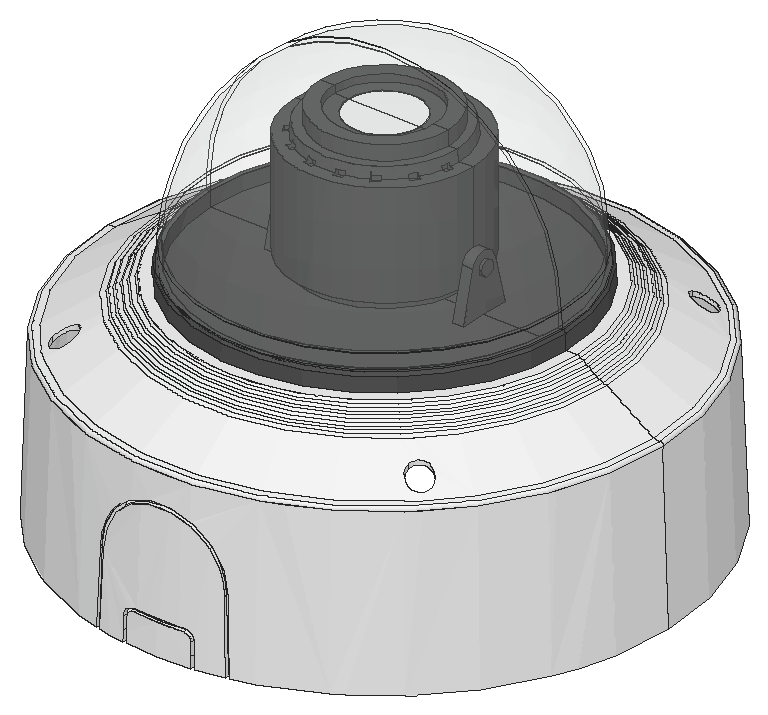
Revit family "Camera-Security-HanwhaTechwin-Dome-Wisenet X-XND-C8083RV_inch", category Security Devices, host Face, Revit 2016
Family settings
  Host = Face
  Maintain Annotation Orientation = Yes
  Part Type = Normal
  Round Connector Dimension = Use Diameter
  OmniClass Number = 23.85.30.17.14
  OmniClass Title = Video Surveillance
  Cut with Voids When Loaded = No
  Shared = No
  Room Calculation Point = No
Parameters (values of type "Standard")
  zz Length 3 [instance] = if(1 = 1, View Distance + 1.531", View Distance + 1.531")  # 37.51525"
  zz Length 2 [instance] = tan(Field of View Horizontal / 2) * View Distance  # 53.4494"
  zz Length 1 [instance] = tan(Field of View Vertical / 2) * View Distance  # 19.9464"
  zz Angle 4 [instance] = if(1 = 1, Camera Shield Rotation, Camera Shield Rotation)  # 0.00°
  zz Angle 3 [instance] = Camera Tilt + 90.00°  # 90.00°
  zz Angle 2 [instance] = 90.00° - Camera Shield Rotation  # 90.00°
  zz Angle 1 [instance] = if(1 = 1, Camera Base Rotation + 270.00°, Camera Base Rotation + 270.00°)  # 270.00°
  Wide Dynamic Range [instance] = "extremeWDR (120dB)"  # constant formula
  White Balance [instance] = "ATW / Narrow ATW / AWC / Manual / Indoor / Outdoor"  # constant formula
  Webpage Language [instance] = "English, Korean, Chinese, French, Italian, Spanish, German, Japanese, Russian, Swedish,, Portuguese, Czech, Polish, Turkish, Dutch, Greek, Hungarian"  # constant formula
  WarrantyStartDate [instance] = "1900-12-31T23:59:59"
  WarrantyGuarantorParts [instance] = ""
  WarrantyGuarantorLabor [instance] = ""
  WarrantyDurationUnit [instance] = "year"
  WarrantyDurationParts [instance] = ""
  WarrantyDurationLabor [instance] = ""
  WarrantyDescription [instance] = ""
  Voltage [instance] = 12 V
  View Distance [instance] = 35.98425"
  Video out [instance] = "USB: Micro USB Type B, 1280x720 for installation"  # constant formula
  Video Rotation [instance] = "Flip, Mirror, Hallway view(90°/270°)"  # constant formula
  Video Compression [instance] = "H.265/H.264: Main/High, MJPEG"  # constant formula
  Version [instance] = "1"
  Unit Conversion [instance] = 39.37008"
  Uniclass2 [instance] = "Pr_60_75_75_86_86"
  URL = "https://www.hanwha-security.com"
  TagNumber [instance] = ""
  SustainabilityPerformance [instance] = ""
  Streaming [instance] = "Unicast(20 users) / Multicast\nMultiple streaming(Up to 10 profiles, 3 virtual channel support)"  # constant formula
  Storage Temperature . Humidity [instance] = "-50°C ~ +60°C(-58°F ~ +140°F) / Less than 90% RH"  # constant formula
  Smart Codec [instance] = "Manual(5ea area), WiseStreamⅡ, WiseStreamⅢ(Based on AI engine)"  # constant formula
  Size [instance] = "Ø6.30\" x 4.65\"(Ø160 x 118mm)"
  Shape [instance] = "Dome"
  SerialNumber [instance] = ""
  Security [instance] = "HTTPS(SSL) Login Authentication Digest Login Authentication\nIP Address Filtering User access log\n802.1X Authentication(EAP-TLS, EAP-LEAP, EAP-PEAP MSCHAPv2)\nDevice Certificate(Hanwha Techwin Root CA, pre-installed) Secure by default certificate\nHTPM (Hanwha Trusted platform module) Secure OS/Boot/Storage, Verify firmware forgery\nCyberSecurity assuarance program UL CAP (UL 2900-1)"  # constant formula
  Revision [instance] = ""
  Resolution [instance] = "3328x1872, 3072x1728, 2592x1944, 2688x1520, 1920x1080, 1600x1200, 1280x1024,\n1280x960, 1280x720, 1024x768, 800x600, 800x448, 720x576, 720x480, 640x480,\n640x360, 320x240"  # constant formula
  ReplacementCost [instance] = ""
  Recognize .125PPM 38PPF. [instance] = "Wide: 9.0m(29.4ft) / Tele: 30.3m(99.26ft)"  # constant formula
  RAL Code [instance] = "RAL9003"  # constant formula
  Protocol [instance] = "IPv4, IPv6, TCP/IP, UDP/IP, RTP(UDP), RTP(TCP), RTCP,RTSP, NTP, HTTP, HTTPS, SSL/TLS, DHCP, FTP, SMTP,\nICMP, IGMP, SNMPv1/v2c/v3(MIB-2), ARP, DNS, DDNS, QoS, UPnP, Bonjour, LLDP, SRTP\n(TCP, UDP Unicast)"  # constant formula
  ProductInformation [instance] = ""
  Product dimensions . weight [instance] = "Ø160x118mm(Ø6.30x4.65.), 1350g(2.98 lb)"  # constant formula
  Product Page URL = "https://www.hanwha-security.com/en/products/camera/network/dome/XND-C8083RV/overview/"
  Product Material = Aluminum - HanwhaTechwin - White
  Product Documentation Link = "https://www.hanwha-security.com/en/products/camera/network/dome/XND-C8083RV/download/"
  Privacy Masking [instance] = "32ea, Quadrangle zones\n- Color : Gray, Green, Red, Blue, Black, White\n- Mosaic"  # constant formula
  Power Consumption [instance] = "PoE: Max 12.95W, typical 11.2W 12VDC: Max 13.2W, typical 10.8W"  # constant formula
  Pan. Tilt. Rotate Range [instance] = "0°~360° / -45°~75° / 0°~355°"  # constant formula
  Operating Temperature . Humidity [instance] = "-10 °C ~ 50 °C(14°F ~ +122°F)\n* Maximum temperature : +55°C (intermittent) 0~95% RH(non-condensing)\nHumidity control /w GORE vent"  # constant formula
  Observe .63PPM 19PPF. [instance] = "Wide: 17.9m(58.81ft) / Tele: 60.5m(198.52ft)"  # constant formula
  NominalWidth [instance] = "Ø6.30\" (Ø160mm)"
  NominalLength [instance] = "Ø6.30\" (Ø160mm)"
  NominalHeight [instance] = "4.65\" (118mm)"
  Name [instance] = "XND-C8083RV"
  NBSTypeID [instance] = ""
  NBSReference [instance] = ""
  NBSOfficeMasterTag [instance] = ""
  NBSNote [instance] = ""
  NBSDescription [instance] = ""
  NBSCertification [instance] = ""
  Motion Detection [instance] = "8ea, 8point Polygonal zones"  # constant formula
  ModelReference [instance] = "Hanwha Techwin"
  ModelNumber [instance] = "XND-C8083RV"
  Model = "XND-C8083RV"  # constant formula
  Min. Object Distance [instance] = "0.5m(1.64ft)"  # constant formula
  Min. Illumination [instance] = "Color: 0.04Lux(F1.3, 1/30sec, 30IRE)\nB/W : 0.004Lux(F1.3, 1/30sec, 30IRE), 0Lux(IR LED on)"  # constant formula
  Memory [instance] = "4GB RAM, 512MB Flash"  # constant formula
  Max. Framerate [instance] = "H.265/H.264: Max. 30fps/25fps(60Hz/50Hz) MJPEG: Max. 15fps/12fps(60Hz/50Hz)"  # constant formula
  Max. Aperture Ratio [instance] = "F1.3(Wide) ~ F2.15(Tele)"  # constant formula
  Max Resolution [instance] = 3328
  Material [instance] = "Aluminum"
  ManufacturerURL [instance] = "https://www.hanwha-security.com"
  ManufacturerName [instance] = "HanwhaTechwin"
  Manufacturer = "Hanwha Techwin"  # constant formula
  Lens Type [instance] = "P-iris(IR corrected)"  # constant formula
  LDC [instance] = "Support (Fill/stretch mode)"  # constant formula
  InstallationDate [instance] = "1900-12-31T23:59:59"
  Input Voltage. Current [instance] = "PoE(IEEE802.3af, Class3), 12VDC"  # constant formula
  Imaging Device [instance] = "1/1.8. progressive CMOS"  # constant formula
  Identify .250PPM 76PPF. [instance] = "Wide: 4.5m(14.7ft) / Tele: 15.1m(49.63ft)"  # constant formula
  IR Viewable Length [instance] = "WiseIR 40m(131.23ft)"  # constant formula
  Grade [instance] = ""
  Gain Control [instance] = "Support"  # constant formula
  Focus Control [instance] = "Simple focus, Manual"  # constant formula
  Focal Length Actual [instance] = if(Focal Length > 0.36614", 0.36614", if(Focal Length < 0.17323", 0.17323", Focal Length))  # 0.17323"
  Focal Length .Zoom Ratio. [instance] = "4.4~9.3mm(2.1x) motorized varifocal"  # constant formula
  Focal Length [instance] = 0.17323"
  FoV Hide Check [instance] = FoV Hide Check
  FoV Cross Check [instance] = FoV Cross Check
  Finish [instance] = ""
  Field of View_Recognize [instance] = Field of View_Recognize
  Field of View_Observe [instance] = Field of View_Observe
  Field of View_Identify [instance] = Field of View_Identify
  Field of View_Detect [instance] = Field of View_Detect
  Field of View is Visible_DORI [instance] = no
  Field of View is Visible [instance] = no
  Field of View Vertical [instance] = 58.00° + (26.60° - 58.00°) / (0.36614" - 0.17323") * (Focal Length Actual - 0.17323")  # 58.00°
  Field of View Horizontal [instance] = 112.10° + (47.50° - 112.10°) / (0.36614" - 0.17323") * (Focal Length Actual - 0.17323")  # 112.10°
  Field of View Diagonal [instance] = 137.50° + (54.60° - 137.50°) / (0.36614" - 0.17323") * (Focal Length Actual - 0.17323")  # 137.50°
  Field of View [instance] = Field of View
  Features [instance] = "• 6MP resolution\r\n• 4.4~9.3mm (2.1x) motorized varifocal\r\n• Color: 0.04 Lux (F1.3, 1/30sec, 30IRE), 0 Lux (IR LED on)\r\n• Maximum 30 fps (H.265/H.264)\r\n• WiseIR: IR viewable length 40m (131.23 ft)\r\n• Day & Night (ICR), extremeWDR (120 dB)\r\n• Hard-coated dome bubble\r\n• WiseNRⅡ(Based on AI engine), WiseStreamⅢ (Based on AI engine)\r\n• DIS with built-in Gyro sensor\r\n• Analytics events based on AI engine (NPU) : Object detection (Person/Face/Vehicle - car, truck, bus, bicycle, motorcycle/License plate),\r\nIVA (Virtual line/Area, Enter/Exit, Loitering, Direction, Intrusion)\r\n• Analytics events : Defocus detection, Motion detection, Tampering, Fog detection\r\nAudio detection, Sound classification, Shock detection, Appear/Disappear\r\n• IP52, IK08"
  ExpectedLife [instance] = ""
  Ethernet [instance] = "Metal shielded RJ-45(10/100BASE-T)"  # constant formula
  Electronic Shutter Speed [instance] = "Minimum / Maximum / Anti flicker (2~1/12,000sec) prefer shutter control(Based on AI engine)"  # constant formula
  Edge Storage [instance] = "Micro SD/SDHC/SDXC 1slot 512GB"  # constant formula
  DurationUnit [instance] = "year"
  Distance Recognize [instance] = 1 / 2 * (Max Resolution / 125) / tan(Field of View Horizontal / 2) * Unit Conversion  # 352.84115"
  Distance Observe [instance] = 1 / 2 * (Max Resolution / 62.5) / tan(Field of View Horizontal / 2) * Unit Conversion  # 705.6823"
  Distance Identify [instance] = 1 / 2 * (Max Resolution / 250) / tan(Field of View Horizontal / 2) * Unit Conversion  # 176.42057"
  Distance Detect [instance] = 1 / 2 * (Max Resolution / 25) / tan(Field of View Horizontal / 2) * Unit Conversion  # 1764.20574"
  Digital Noise Reduction [instance] = "WiseNRⅡ(Based on AI engine), SSNRⅤ"  # constant formula
  Digital Image Stabilization  [instance] = "Support(built-in gyro sensor)"  # constant formula
  Detect .25PPM 8PPF. [instance] = "Wide: 44.8m(147.02ft) / Tele: 151.3m(496.29ft)"  # constant formula
  Description = "NBS standard template for generic face-based components"  # constant formula
  Defog [instance] = "Support"  # constant formula
  Default Elevation = 48"
  Day and Night [instance] = "Auto(ICR)"  # constant formula
  Constituents [instance] = ""
  Color [instance] = "White"
  CodePerformance [instance] = ""
  Certification [instance] = "IP52, IK08"  # constant formula
  Category [instance] = "6MP AI IR Dome Camera"
  Camera Title [instance] = "Displayed up to 85 characters"  # constant formula
  Camera Tilt Desired [instance] = 0.00°
  Camera Tilt [instance] = if(Camera Tilt Desired > 75.00°, 75.00°, if(Camera Tilt Desired < -45.00°, -45.00°, Camera Tilt Desired))  # 0.00°
  Camera Shield Rotation Desired [instance] = 0.00°
  Camera Shield Rotation [instance] = if(Camera Shield Rotation Desired > 355.00°, 355.00°, if(Camera Shield Rotation Desired < 0.00°, 0.00°, Camera Shield Rotation Desired))  # 0.00°
  Camera Base Rotation Desired [instance] = 0.00°
  Camera Base Rotation [instance] = if(Camera Base Rotation Desired > 360.00°, 360.00°, if(Camera Base Rotation Desired < 0.00°, 0.00°, Camera Base Rotation Desired))  # 0.00°
  Business Intelligence [instance] = "Based on AI engine : People counting, Queue management, Heatmap"  # constant formula
  Bitrate Control [instance] = "H.264/H.265: CBR or VBR MJPEG: VBR"  # constant formula
  Base Vertical Length [instance] = 0.19685"
  Base Horizontal Length [instance] = 0.19685"
  BarCode [instance] = ""
  Backlight Compensation [instance] = "BLC, HLC, WDR, SSDR"  # constant formula
  Author [instance] = ""
  Audio out [instance] = "Line out, Max.output level: 1Vrms"  # constant formula
  Audio In [instance] = "Selectable(mic in/line in)\nSupply voltage: 2.5VDC(4mA), Input impedance: 2K Ohm"  # constant formula
  Audio Compression [instance] = "G.711 u-law /G.726 Selectable G.726(ADPCM) 8KHz, G.711 8KHz\nG.726: 16Kbps, 24Kbps, 32Kbps, 40Kbps AAC-LC: 48Kbps at 16KHz"  # constant formula
  AssetType [instance] = "Fixed"
  AssetIdentifier [instance] = ""
  Application Programming Interface [instance] = "ONVIF Profile S/G/T SUNAPI(HTTP API)\nWisenet open platform"  # constant formula
  Angular Field of View [instance] = "H : 112.1°(Wide)~47.5°(Tele) V : 58.0°(Wide)~26.6°(Tele) D : 137.5°(Wide)~54.6°(Tele)"  # constant formula
  Analytics [instance] = "- Analytics events based on AI engine : Object detection (Person/Face/Vehicle(car/bus/truck/motorcycle/bicycle)/License plate), IVA (Virtual line/Area, Enter/Exit, Loitering, direction, Appear/Disappear, intrusion)\n- Analytics events : Defocus detection, Motion detection, Tampering, Fog detection, Audio detection, Sound classification, Shock detection"  # constant formula
  Alarm Triggers [instance] = "Analytics, Network disconnect, Alarm input, App event, Time schedule"  # constant formula
  Alarm I.O [instance] = "2 configurable I/O ports"  # constant formula
  Alarm Events [instance] = "When alarm trigger occurred\n- File upload(image) : e-mail/FTP\n- Notification : e-mail\n- Recording : SD/SDHC/SDXC or NAS recording at event triggers\n- Alarm output\n- Handover(PTZ preset, Send message by HTTP/HTTPS/TCP)\n- Audio clip playback"  # constant formula
  AccessibilityPerformance [instance] = ""
Reference planes (in)
  plane 1 "Center (Front/Back)": y = 0
  plane 2: z = 0
  plane 3 "Center (Left/Right)": x = 0
  plane 4: z = 0
  plane 5 "A": z = 2.87402
  plane 6: x = -3.14961
  plane 7: x = 3.14961
  plane 8: z = 4.64567
  plane 9: x = -1.9685
  plane 10: x = 1.9685
  plane 11: z = 2.3622
  plane 12: y = 0.98425
  plane 13: z = 4.09449
  plane 14: z = 2.87402
  plane 15: z = 4.01575
  plane 16: y = 3.14961
  plane 17: y = -3.14961
  plane 18: y = 1.9685
  plane 19: y = -1.9685
  plane 20: z = 2.55906
  plane 21: z = 1.83685
Forms (in)
  Revolve 1, solid, material "Aluminum - HanwhaTechwin - White" <- "Product Material", detail levels fine
    sketch origin (0, 0, 0) x (1, 0, 0) y (0, 0, 1)
      loop
        line (-2.46194, 2.16457) -> (-2.9874, 1.83685) -> (-3.05427, 1.82486)
        arc (-3.05427, 1.82486) -> (-3.07742, 1.812) -> (-3.08719, 1.78739) r 0.03937
        line (-3.08719, 1.78739) -> (-3.14961, 0) -> (0, 0) -> (0, 0.03937) -> (-3.10884, 0.03937) -> (-3.04784, 1.78602) -> (-2.97299, 1.79944) -> (-2.13379, 2.32283) -> (-1.97403, 2.32283) -> (-1.97403, 2.3622) -> (-2.13999, 2.3622) -> (-2.16583, 2.33953) -> (-2.20265, 2.32375) -> (-2.22929, 2.29992) -> (-2.26309, 2.28544) -> (-2.28782, 2.26394) -> (-2.33012, 2.24454) -> (-2.3562, 2.22071) -> (-2.38968, 2.20762) -> (-2.41473, 2.18473) -> (-2.46194, 2.16457)
      axis (0, 2.3622) -> (0, 0)
    angle from 0 to 360
  Extrusion 2, void, detail levels fine
    sketch origin (0, 0, 0) x (1, 0, 0) y (0, 0, 1)
      loop
        line (-0.70866, 0.7874) -> (-0.73616, 0) -> (-0.69676, 0) -> (-0.66929, 0.78659)
        arc (-0.66929, 0.78659) -> (-0.00027, 1.45642) -> (0.66929, 0.78713) r 0.66929
        line (0.66929, 0.78713) -> (0.69676, 0) -> (0.73616, 0) -> (0.70866, 0.7874)
        arc (0.70866, 0.7874) -> (0, 1.49606) -> (-0.70866, 0.7874) r 0.70866
      loop
        line (-0.39301, 0.11811) -> (-0.39371, 0) -> (-0.35434, 0) -> (-0.35364, 0.11799) -> (-0.35364, 0.25591)
        arc (-0.35364, 0.25591) -> (-0.33078, 0.3111) -> (-0.27559, 0.33396) r 0.07805
        line (-0.27559, 0.33396) -> (0.01665, 0.33396) -> (0.27559, 0.33396)
        arc (0.27559, 0.33396) -> (0.33078, 0.3111) -> (0.35364, 0.25591) r 0.07805
        line (0.35364, 0.25591) -> (0.35364, 0.11799) -> (0.35434, 0) -> (0.39371, 0) -> (0.39301, 0.11811) -> (0.39301, 0.25591)
        arc (0.39301, 0.25591) -> (0.35862, 0.33894) -> (0.27559, 0.37333) r 0.11742
        line (0.27559, 0.37333) -> (0.01665, 0.37333) -> (-0.27559, 0.37333)
        arc (-0.27559, 0.37333) -> (-0.35862, 0.33894) -> (-0.39301, 0.25591) r 0.11742
        line (-0.39301, 0.25591) -> (-0.39301, 0.11811)
    from 3.03226 to 3.19334
  Extrusion 3, void
    sketch origin (0, 0, 0) x (1, 0, 0) y (0, 1, 0)
      loop
        circle (-1.9696, 1.9696) r 0.13799
      loop
        circle (1.9696, 1.9696) r 0.13799
      loop
        circle (-1.9696, -1.9696) r 0.13799
      loop
        circle (1.9696, -1.9696) r 0.13799
    from 2.55906 to 0.98425
  Revolve 4, solid, material "Aluminum - HanwhaTechwin - Black", detail levels fine
    sketch origin (0, 0, 2.87402) x (0, 0, 1) y (-1, 0, 0)
      loop
        line (-0.31496, 0) -> (1.10236, 0) -> (1.10236, 0.3937) -> (1.14173, 0.3937) -> (1.14173, 0.55118) -> (1.22047, 0.55118) -> (1.22047, 0.70866) -> (1.06299, 0.70866) -> (1.06299, 0.8099) -> (0.94488, 0.82677) -> (0.94488, 0.98425) -> (-0.19685, 0.98425) -> (-0.19685, 0.86614) -> (-0.31496, 0.86614) -> (-0.31496, 0)
      axis (1.22047, 0) -> (-0.31496, 0)
    angle from 0 to 360
  Revolve 5, solid, material "Plastic - HanwhaTechwin - Sun-Shield"
    sketch origin (0, 0, 2.87402) x (0, 0, 1) y (-1, 0, 0)
      loop
        line (1.10236, 0.3937) -> (1.10236, 0) -> (1.14173, 0) -> (1.14173, 0.3937) -> (1.10236, 0.3937)
      axis (1.14173, 0) -> (1.10236, 0)
    angle from 0 to 360
  Revolve 6, solid, material "Aluminum - HanwhaTechwin - Black", detail levels fine
    sketch origin (0, 0, 0) x (1, 0, 0) y (0, 0, 1)
      loop
        line (-1.92913, 2.55906) -> (-1.98684, 2.55906) -> (-2.0066, 2.52213) -> (-2.0134, 2.3622) -> (0, 2.3622) -> (0, 2.40157) -> (-1.92913, 2.40157) -> (-1.92913, 2.55906)
      axis (0, 2.55906) -> (0, 2.3622)
    angle from 0 to 360
  Revolve 7, solid, material "Glass - HanwhaTechwin - Clear"
    sketch origin (0, 0, 0) x (1, 0, 0) y (0, 0, 1)
      loop
        line (-1.97227, 2.55906) -> (-1.92913, 2.55906) -> (-1.92913, 2.72826)
        arc (-1.92913, 2.72826) -> (-1.34857, 4.06173) -> (0, 4.6063) r 1.92115
        line (0, 4.6063) -> (0, 4.64567)
        arc (0, 4.64567) -> (-1.37626, 4.08972) -> (-1.9685, 2.72869) r 1.96052
        line (-1.9685, 2.72869) -> (-1.97227, 2.55906)
      axis (0, 4.64567) -> (0, 2.55906)
    angle from 0 to 360
  Extrusion 8, solid, material "Aluminum - HanwhaTechwin - Black"
    sketch origin (0, 0, 2.87402) x (0, -1, 0) y (0, 0, 1)
      loop
        line (-0.15245, 0.03949) -> (-0.28508, -0.47244) -> (0, -0.47244) -> (0.28508, -0.47244) -> (0.15245, 0.03949)
        arc (0.15245, 0.03949) -> (0, 0.15748) -> (-0.15245, 0.03949) r 0.15748
      loop
        circle (0, 0) r 0.07874
    from -1.10236 to -0.98425
  Extrusion 9, solid, material "Aluminum - HanwhaTechwin - Black"
    sketch origin (-1.10236, 0, 2.87402) x (0, -1, 0) y (0, 0, 1)
      loop
        circle (0, 0) r 0.07874
    from 0.03937 to -0.11811
  Extrusion 10, solid, material "Aluminum - HanwhaTechwin - Black"
    sketch origin (1.10236, 0, 2.87402) x (0, 1, 0) y (0, 0, 1)
      loop
        circle (0, 0) r 0.07874
    from 0.03937 to -0.11811
  Extrusion 11, solid, material "Aluminum - HanwhaTechwin - Black"
    sketch origin (0, 0, 2.87402) x (0, -1, 0) y (0, 0, 1)
      loop
        line (-0.15245, 0.03949) -> (-0.28508, -0.47244) -> (0, -0.47244) -> (0.28508, -0.47244) -> (0.15245, 0.03949)
        arc (0.15245, 0.03949) -> (0, 0.15748) -> (-0.15245, 0.03949) r 0.15748
      loop
        circle (0, 0) r 0.07874
    from 1.10236 to 0.98425
  Extrusion 12, void
    sketch origin (0, 0, 2.87402) x (1, 0, 0) y (0, 1, 0)
      loop
        line (-0.19995, -0.75298) -> (-0.21916, -0.84951) -> (-0.12262, -0.86872) -> (-0.10342, -0.77218) -> (-0.19995, -0.75298)
      loop
        line (-0.47289, -0.61914) -> (-0.52757, -0.70098) -> (-0.44573, -0.75566) -> (-0.39105, -0.67383) -> (-0.47289, -0.61914)
      loop
        line (-0.67414, -0.39051) -> (-0.75602, -0.44513) -> (-0.7014, -0.52701) -> (-0.61952, -0.47239) -> (-0.67414, -0.39051)
      loop
        line (-0.77232, -0.10236) -> (-0.86888, -0.12143) -> (-0.84981, -0.21799) -> (-0.75325, -0.19892) -> (-0.77232, -0.10236)
      loop
        line (0.19995, -0.75298) -> (0.10342, -0.77218) -> (0.12262, -0.86872) -> (0.21916, -0.84951) -> (0.19995, -0.75298)
      loop
        line (0.47289, -0.61914) -> (0.39105, -0.67383) -> (0.44573, -0.75566) -> (0.52757, -0.70098) -> (0.47289, -0.61914)
      loop
        line (0.67414, -0.39051) -> (0.61952, -0.47239) -> (0.7014, -0.52701) -> (0.75602, -0.44513) -> (0.67414, -0.39051)
      loop
        line (0.77232, -0.10236) -> (0.75325, -0.19892) -> (0.84981, -0.21799) -> (0.86888, -0.12143) -> (0.77232, -0.10236)
    from 0.98425 to 0.90551
  Extrusion 13, void
    sketch origin (0, 0, 0) x (1, 0, 0) y (0, 1, 0)
      loop
        circle (-0.77302, 2.13636) r 0.48938
      loop
        circle (0.77518, 2.13636) r 0.48938
      loop
        circle (-0.77302, -2.13636) r 0.48938
      loop
        circle (0.77518, -2.13636) r 0.48938
      loop
        arc (0.10019, -1.57482) -> (0.00108, -1.47571) -> (-0.09803, -1.57482) r 0.09911
        line (-0.09803, -1.57482) -> (-0.09803, -1.77167)
        arc (-0.09803, -1.77167) -> (0.00108, -1.87078) -> (0.10019, -1.77167) r 0.09911
        line (0.10019, -1.77167) -> (0.10019, -1.57482)
      loop
        arc (-1.20302, -1.10335) -> (-1.34305, -1.09724) -> (-1.34917, -1.23727) r 0.09911
        arc (-1.34917, -1.23727) -> (-1.29391, -1.29499) -> (-1.23619, -1.35025) r 1.8314
        arc (-1.23619, -1.35025) -> (-1.09616, -1.34413) -> (-1.10227, -1.2041) r 0.09911
        arc (-1.10227, -1.2041) -> (-1.15375, -1.15483) -> (-1.20302, -1.10335) r 1.63317
      loop
        arc (-1.59174, -0.78896) -> (-1.72455, -0.74414) -> (-1.76937, -0.87694) r 0.09911
        arc (-1.76937, -0.87694) -> (-1.72943, -0.95334) -> (-1.6862, -1.02791) r 1.97573
        arc (-1.6862, -1.02791) -> (-1.54999, -1.06099) -> (-1.51692, -0.92478) r 0.09911
        arc (-1.51692, -0.92478) -> (-1.55581, -0.85769) -> (-1.59174, -0.78896) r 1.77751
      loop
        line (-1.57371, 0.09911) -> (-1.77056, 0.09911)
        arc (-1.77056, 0.09911) -> (-1.86967, 0) -> (-1.77056, -0.09911) r 0.09911
        line (-1.77056, -0.09911) -> (-1.57371, -0.09911)
        arc (-1.57371, -0.09911) -> (-1.47459, 0) -> (-1.57371, 0.09911) r 0.09911
      loop
        arc (-1.51693, 0.92477) -> (-1.55, 1.06097) -> (-1.68621, 1.02789) r 0.09911
        arc (-1.68621, 1.02789) -> (-1.72943, 0.95334) -> (-1.76936, 0.87696) r 1.97573
        arc (-1.76936, 0.87696) -> (-1.72454, 0.74415) -> (-1.59173, 0.78898) r 0.09911
        arc (-1.59173, 0.78898) -> (-1.55581, 0.85769) -> (-1.51693, 0.92477) r 1.77751
      loop
        arc (-1.10227, 1.2041) -> (-1.09616, 1.34413) -> (-1.23619, 1.35025) r 0.09911
        arc (-1.23619, 1.35025) -> (-1.29391, 1.29499) -> (-1.34917, 1.23727) r 1.8314
        arc (-1.34917, 1.23727) -> (-1.34305, 1.09724) -> (-1.20302, 1.10335) r 0.09911
        arc (-1.20302, 1.10335) -> (-1.15375, 1.15483) -> (-1.10227, 1.2041) r 1.63317
      loop
        line (0.10019, 1.57478) -> (0.10019, 1.77167)
        arc (0.10019, 1.77167) -> (0.00108, 1.87078) -> (-0.09803, 1.77167) r 0.09911
        line (-0.09803, 1.77167) -> (-0.09803, 1.57478)
        arc (-0.09803, 1.57478) -> (0.00108, 1.47567) -> (0.10019, 1.57478) r 0.09911
      loop
        arc (1.10443, 1.2041) -> (1.15591, 1.15483) -> (1.20518, 1.10335) r 1.63317
        arc (1.20518, 1.10335) -> (1.34521, 1.09724) -> (1.35133, 1.23727) r 0.09911
        arc (1.35133, 1.23727) -> (1.29607, 1.29499) -> (1.23835, 1.35025) r 1.8314
        arc (1.23835, 1.35025) -> (1.09832, 1.34413) -> (1.10443, 1.2041) r 0.09911
      loop
        arc (1.77152, 0.87696) -> (1.73159, 0.95334) -> (1.68837, 1.0279) r 1.97573
        arc (1.68837, 1.0279) -> (1.55216, 1.06098) -> (1.51908, 0.92477) r 0.09911
        arc (1.51908, 0.92477) -> (1.55797, 0.85769) -> (1.59389, 0.78898) r 1.77751
        arc (1.59389, 0.78898) -> (1.7267, 0.74416) -> (1.77152, 0.87696) r 0.09911
      loop
        arc (1.53747, 1.67668) -> (1.60915, 1.60807) -> (1.67776, 1.53639) r 2.27415
        arc (1.67776, 1.53639) -> (1.81779, 1.53028) -> (1.82391, 1.67031) r 0.09911
        arc (1.82391, 1.67031) -> (1.74931, 1.74823) -> (1.67139, 1.82283) r 2.47237
        arc (1.67139, 1.82283) -> (1.53136, 1.81671) -> (1.53747, 1.67668) r 0.09911
      loop
        line (1.77275, 0.09911) -> (1.5759, 0.09911)
        arc (1.5759, 0.09911) -> (1.47679, 0) -> (1.5759, -0.09911) r 0.09911
        line (1.5759, -0.09911) -> (1.77275, -0.09911)
        arc (1.77275, -0.09911) -> (1.87186, 0) -> (1.77275, 0.09911) r 0.09911
      loop
        arc (2.25257, 0.31643) -> (2.2747, 0) -> (2.25257, -0.31643) r 2.27362
        arc (2.25257, -0.31643) -> (2.33634, -0.42759) -> (2.44751, -0.34382) r 0.09843
        arc (2.44751, -0.34382) -> (2.47155, 0) -> (2.44751, 0.34382) r 2.47047
        arc (2.44751, 0.34382) -> (2.33634, 0.42759) -> (2.25257, 0.31643) r 0.09843
      loop
        arc (1.5939, -0.78896) -> (1.55796, -0.85769) -> (1.51906, -0.9248) r 1.77751
        arc (1.51906, -0.9248) -> (1.55214, -1.06101) -> (1.68835, -1.02793) r 0.09911
        arc (1.68835, -1.02793) -> (1.73159, -0.95334) -> (1.77153, -0.87694) r 1.97573
        arc (1.77153, -0.87694) -> (1.72671, -0.74413) -> (1.5939, -0.78896) r 0.09911
      loop
        arc (1.20518, -1.10335) -> (1.15591, -1.15483) -> (1.10443, -1.2041) r 1.63317
        arc (1.10443, -1.2041) -> (1.09832, -1.34413) -> (1.23835, -1.35025) r 0.09911
        arc (1.23835, -1.35025) -> (1.29607, -1.29499) -> (1.35133, -1.23727) r 1.8314
        arc (1.35133, -1.23727) -> (1.34521, -1.09724) -> (1.20518, -1.10335) r 0.09911
      loop
        arc (1.82391, -1.67031) -> (1.81779, -1.53028) -> (1.67776, -1.53639) r 0.09911
        arc (1.67776, -1.53639) -> (1.60915, -1.60807) -> (1.53747, -1.67668) r 2.27415
        arc (1.53747, -1.67668) -> (1.53136, -1.81671) -> (1.67139, -1.82283) r 0.09911
        arc (1.67139, -1.82283) -> (1.74931, -1.74823) -> (1.82391, -1.67031) r 2.47237
      loop
        arc (-1.53531, -1.67668) -> (-1.60699, -1.60807) -> (-1.6756, -1.53639) r 2.27415
        arc (-1.6756, -1.53639) -> (-1.81563, -1.53028) -> (-1.82175, -1.67031) r 0.09911
        arc (-1.82175, -1.67031) -> (-1.74715, -1.74823) -> (-1.66923, -1.82283) r 2.47237
        arc (-1.66923, -1.82283) -> (-1.5292, -1.81671) -> (-1.53531, -1.67668) r 0.09911
      loop
        arc (-2.25042, -0.31643) -> (-2.27254, 0) -> (-2.25042, 0.31643) r 2.27362
        arc (-2.25042, 0.31643) -> (-2.33419, 0.42759) -> (-2.44535, 0.34382) r 0.09843
        arc (-2.44535, 0.34382) -> (-2.46939, 0) -> (-2.44535, -0.34382) r 2.47047
        arc (-2.44535, -0.34382) -> (-2.33419, -0.42759) -> (-2.25042, -0.31643) r 0.09843
      loop
        arc (-1.6756, 1.53639) -> (-1.60699, 1.60807) -> (-1.53531, 1.67668) r 2.27415
        arc (-1.53531, 1.67668) -> (-1.5292, 1.81671) -> (-1.66923, 1.82283) r 0.09911
        arc (-1.66923, 1.82283) -> (-1.74715, 1.74823) -> (-1.82175, 1.67031) r 2.47237
        arc (-1.82175, 1.67031) -> (-1.81563, 1.53028) -> (-1.6756, 1.53639) r 0.09911
      loop
        arc (-0.98446, 0) -> (-0.70548, -0.74166) -> (0, -1.10248) r 1.09813
        arc (0, -1.10248) -> (0.70548, -0.74166) -> (0.98446, 0) r 1.09813
        arc (0.98446, 0) -> (0.70548, 0.74166) -> (0, 1.10248) r 1.09813
        arc (0, 1.10248) -> (-0.70548, 0.74166) -> (-0.98446, 0) r 1.09813
    from 0.10809 to -0.10862
  Revolve 14, solid, material "Aluminum - HanwhaTechwin - White" <- "Product Material", detail levels coarse+medium
    sketch origin (0, 0, 0) x (1, 0, 0) y (0, 0, 1)
      loop
        line (-3.14961, 1.83685) -> (-3.14961, 0) -> (0, 0) -> (0, 2.3622) -> (-2.13999, 2.3622) -> (-2.46194, 2.16457) -> (-2.9874, 1.83685) -> (-3.14961, 1.83685)
      axis (0, 2.3622) -> (0, 0)
    angle from 0 to 360
  Revolve 15, solid, material "Aluminum - HanwhaTechwin - Black", detail levels coarse+medium
    sketch origin (0, 0, 0) x (1, 0, 0) y (0, 0, 1)
      loop
        line (-2.0134, 2.3622) -> (0, 2.3622) -> (0, 2.40157) -> (-1.92913, 2.40157) -> (-1.92913, 2.55906) -> (-2.0134, 2.55906) -> (-2.0134, 2.3622)
      axis (0, 2.55906) -> (0, 2.3622)
    angle from 0 to 360
  Revolve 16, solid, material "Aluminum - HanwhaTechwin - Black", detail levels coarse+medium
    sketch origin (0, 0, 2.87402) x (0, 0, 1) y (-1, 0, 0)
      loop
        line (1.10236, 0) -> (1.10236, 0.3937) -> (1.14173, 0.3937) -> (1.14173, 0.55118) -> (1.22047, 0.55118) -> (1.22047, 0.70866) -> (1.06299, 0.70866) -> (1.06299, 0.82677) -> (0.94488, 0.82677) -> (0.94488, 0.98425) -> (-0.19685, 0.98425) -> (-0.19685, 0.86614) -> (-0.31496, 0.86614) -> (-0.31496, 0) -> (1.10236, 0)
      axis (1.22047, 0) -> (-0.31496, 0)
    angle from 0 to 360
Cuts and joins
  Extrusion 2, Extrusion 3, Extrusion 13 cuts Revolve 1
  Extrusion 12 cuts Revolve 4
Lines and regions (in)
  reference lines
    curve 1: line (0, 0, 2.87402) -> (0, -1.25, 2.87402)
    curve 2: line (0, 0, 2.87402) -> (0, 0, 4.01575)
    curve 3: line (0, 0, 4.01575) -> (1.60218, 0, 4.01575)
    curve 4: line (0, 0, 2.87402) -> (1.60218, 0, 2.87402)
    curve 5: line (0, 0, 4.01575) -> (1.49404, 0, 4.01575)
    curve 6: line (0, 0, 4.01575) -> (0, -0.48361, 4.01575)
    curve 7: line (0.00108, 0, 4.01575) -> (-0.49892, 0, 4.01575)
Dimensions and locks (in)
  locked: curve 5 to curve 5
  locked: curve 2 to curve 5 at 0
  locked: curve 1 to curve 2 at 0
  equal spacing: plane 7, plane 3 "Center (Left/Right)", plane 6
  plane 7 to plane 6 = 6.29921"
  plane 8 to level = 4.64567"
  equal spacing: plane 10, plane 3 "Center (Left/Right)", plane 9
  plane 10 to plane 9 = 3.93701"
  plane 8 to plane 11 to level = 2.28346", 2.3622"
  plane 8 to host face = 4.64567"
  plane 16 to plane 1 "Center (Front/Back)" to plane 17 = 3.14961", 3.14961"
  plane 16 to plane 17 = 6.29921"
  plane 18 to plane 1 "Center (Front/Back)" to plane 19 = 1.9685", 1.9685"
  plane 18 to plane 19 = 3.93701"
  plane 19 to plane 17 = 1.1811"
  plane 16 to plane 18 = 1.1811"
  plane 9 to plane 6 = 1.1811"
  plane 10 to plane 7 = 1.1811"  (x2)
  plane 8 to plane 11 to host face = 2.28346", 2.3622"
  equal spacing: plane 17, plane 1 "Center (Front/Back)", plane 16
  plane 17 to plane 16 = 6.29921"
  equal spacing: plane 9, plane 3 "Center (Left/Right)", plane 10
  plane 9 to plane 10 = 3.93701"
  plane 6 to plane 9 = 1.1811"
  plane 6 to plane 7 = 6.29921"
  equal spacing: plane 6, plane 3 "Center (Left/Right)", plane 7
  locked: Revolve 7 sketch curve to Revolve 7 sketch curve at 0.04314
  locked: Revolve 7 sketch curve to Revolve 7 sketch curve at 0.03937
  locked: Revolve 6 sketch curve to Revolve 15 at 0.19685
  equal spacing: Revolve 6 sketch curve, Revolve 6 sketch curve, Revolve 6 sketch curve
  locked: Revolve 6 sketch curve to Revolve 6 sketch curve at 2.0134
  Revolve 6 sketch curve to Revolve 6 sketch curve to Revolve 6 sketch curve = 0.15748" locked, 0.03937" locked
  Revolve 15 sketch curve to Revolve 15 sketch curve to Revolve 15 sketch curve = 1.92913" locked, 0.08426" locked
  Revolve 15 sketch curve to Revolve 15 sketch curve = 2.0134"
  locked: Revolve 15 sketch curve to Revolve 15 sketch curve at 0.19685
  equal spacing: Revolve 15 sketch curve, Revolve 15 sketch curve, Revolve 15 sketch curve
  locked: cut or joined group of Revolve 1, Extrusion 2, Extrusion 3, Extrusion 13 to Revolve 14 sketch curve at 2.3622
  Revolve 14 sketch curve to Revolve 14 sketch curve to Revolve 14 sketch curve = 0.52535" locked, 1.83685" locked
  Revolve 14 sketch curve to Revolve 14 sketch curve = 3.14961"
  Revolve 14 sketch curve to Revolve 14 sketch curve to Revolve 14 sketch curve to Revolve 14 sketch curve = 0.16221" locked, 0.84741" locked, 2.13999" locked
  locked: Revolve 1 sketch curve to Revolve 1 sketch curve at 0.03937
  locked: Revolve 1 sketch curve to Revolve 1 sketch curve at 3.14961
  Revolve 1 sketch curve to Revolve 1 sketch curve to Revolve 1 sketch curve = 0.06242" locked, 1.11316" locked
  locked: Revolve 1 sketch curve to Revolve 1 sketch curve at 2.3622
  equal spacing: Revolve 16 sketch curve, Revolve 16 sketch curve, Revolve 16 sketch curve, Revolve 16 sketch curve
  Revolve 16 sketch curve to Revolve 16 sketch curve to Revolve 16 sketch curve to Revolve 16 sketch curve to Revolve 16 sketch curve = 0.15748" locked, 0.11811" locked, 0.15748" locked, 0.55118" locked
  Revolve 16 sketch curve to Revolve 16 sketch curve to Revolve 16 sketch curve to Revolve 16 sketch curve to Revolve 16 sketch curve = 0.15748" locked, 0.11811" locked, 1.14173" locked, 0.11811" locked
  Revolve 16 sketch curve to Revolve 16 sketch curve = 0.98425"
  Revolve 4 sketch curve to Revolve 4 sketch curve = 0.98425"
  Revolve 4 sketch curve to Revolve 4 sketch curve to Revolve 4 sketch curve = 0.27559" locked, 0.70866" locked
  equal spacing: Revolve 4 sketch curve, Revolve 4 sketch curve, Revolve 4 sketch curve, Revolve 4 sketch curve
  locked: Revolve 4 sketch curve to Revolve 4 sketch curve at 1.53543
  locked: Revolve 5 sketch curve to Revolve 5 sketch curve at 0.3937
  locked: Revolve 5 sketch curve to Revolve 5 sketch curve at 0.03937
  locked: Extrusion 8 sketch curve to Extrusion 8 sketch curve at 0.57015
  locked: Extrusion 8 sketch curve to Extrusion 11 at 0.62992
  radius of Revolve 7 sketch curve = 1.96052"
  radius of Revolve 7 sketch curve = 1.92115"
  radius of Extrusion 8 sketch curve = 0.07874"
  radius of Extrusion 8 sketch curve = 0.15748"
  diameter of Extrusion 9 sketch curve = 0.15748"
  "zz Angle 1": angle curve 1 to plane 1 "Center (Front/Back)"
  "zz Angle 3": angle curve 1 to curve 2
  "zz Angle 4": angle curve 3 to curve 5
  "zz Angle 2": angle curve 6 to curve 3
  aligned and locked: plane 2 to host face
  aligned and locked: level to host face
  aligned and locked: plane 1 "Center (Front/Back)" to curve 1
  aligned and locked: plane 3 "Center (Left/Right)" to curve 1
Automatic sketch dimensions
  host sketch curve to host sketch curve = 9.08796"
  host sketch curve to host sketch curve = 10.95356"
  curve 4 to curve 2 = 0"  (x2)
  curve 3 to curve 2 = 0"  (x2)
  curve 3 to curve 2 = 1.60218"
  curve 4 to curve 2 = 1.60218"
  curve 7 to curve 6 = 0"
  curve 7 to curve 6 = 0.49892"
  curve 6 to curve 7 = 0.00108"
  Extrusion 2 sketch curve to Extrusion 2 sketch curve = 0"  (x4)
  Extrusion 2 sketch curve to level = 0"  (x4)
  Extrusion 2 sketch curve to plane 3 "Center (Left/Right)" = 0"  (x2)
  Extrusion 2 sketch curve to plane 3 "Center (Left/Right)" = 0.27559"
  Extrusion 2 sketch curve to Extrusion 2 sketch curve = 0.07805"  (x2)
  Extrusion 2 sketch curve to Extrusion 2 sketch curve = 0.0007"  (x2)
  Extrusion 2 sketch curve to Extrusion 2 sketch curve = 0.03937"  (x5)
  Extrusion 2 sketch curve to Extrusion 2 sketch curve = 0.3937"
  Extrusion 2 sketch curve to Extrusion 2 sketch curve = 0.30305"  (x2)
  Extrusion 2 sketch curve to Extrusion 2 sketch curve = 0.03939"  (x2)
  plane 3 "Center (Left/Right)" to Extrusion 2 sketch curve = 0.01665"  (x2)
  Extrusion 2 sketch curve to Extrusion 2 sketch curve = 0.25894"
  level to Extrusion 2 sketch curve = 0.11799"  (x2)
  Extrusion 2 sketch curve to Extrusion 2 sketch curve = 0.00012"  (x2)
  Extrusion 2 sketch curve to Extrusion 2 sketch curve = 0.13791"
  Extrusion 2 sketch curve to Extrusion 2 sketch curve = 0.41326"
  Extrusion 2 sketch curve to Extrusion 2 sketch curve = 0.00027"
  Revolve 1 sketch curve to plane 3 "Center (Left/Right)" = 0"
  Revolve 1 sketch curve to Revolve 1 sketch curve = 0.03292"
  Revolve 1 sketch curve to Revolve 1 sketch curve = 0.03935"
  Revolve 1 sketch curve to Revolve 1 sketch curve = 0"  (x2)
  Revolve 1 sketch curve to Revolve 1 sketch curve = 0.06687"
  Revolve 1 sketch curve to Revolve 1 sketch curve = 0.01441"
  Revolve 1 sketch curve to plane 11 = 0.19763"
  Revolve 1 sketch curve to plane 9 = 0.49343"
  Revolve 1 sketch curve to plane 11 = 0.17748"
  Revolve 1 sketch curve to Revolve 1 sketch curve = 0.0472"
  Revolve 1 sketch curve to plane 11 = 0.14149"
  Revolve 1 sketch curve to Revolve 1 sketch curve = 0.05853"
  Revolve 1 sketch curve to plane 11 = 0.11767"
  Revolve 1 sketch curve to Revolve 1 sketch curve = 0.02608"
  Revolve 1 sketch curve to plane 11 = 0.09826"
  Revolve 1 sketch curve to Revolve 1 sketch curve = 0.0423"
  Revolve 1 sketch curve to plane 11 = 0.07677"
  Revolve 1 sketch curve to Revolve 1 sketch curve = 0.02473"
  Revolve 1 sketch curve to plane 11 = 0.06228"
  Revolve 1 sketch curve to Revolve 1 sketch curve = 0.03381"
  Revolve 1 sketch curve to plane 11 = 0.03845"
  Revolve 1 sketch curve to Revolve 1 sketch curve = 0.02664"
  Revolve 1 sketch curve to plane 11 = 0.02268"
  Revolve 1 sketch curve to Revolve 1 sketch curve = 0.03682"
  Revolve 1 sketch curve to Revolve 1 sketch curve = 0.03204"
  Revolve 1 sketch curve to plane 11 = 0.57619"
  Revolve 1 sketch curve to Revolve 1 sketch curve = 0.00138"
  Revolve 1 sketch curve to Revolve 1 sketch curve = 0.01342"
  Revolve 1 sketch curve to Revolve 1 sketch curve = 0.03741"
  Revolve 1 sketch curve to plane 11 = 0.03937"
  Revolve 1 sketch curve to plane 11 = 0.15458"
  Revolve 1 sketch curve to Revolve 1 sketch curve = 0.02506"
  Revolve 1 sketch curve to Revolve 1 sketch curve = 0.02584"
  plane 8 to Revolve 1 sketch curve = 3.26646"
  curve 2 to Revolve 5 sketch curve = 0"
  Revolve 5 sketch curve to curve 2 = 0"  (x2)
  Revolve 5 sketch curve to curve 2 = 1.12878"
  Revolve 5 sketch curve to Revolve 5 sketch curve = 0.43307"
  Revolve 7 sketch curve to plane 9 = 0"
  Revolve 7 sketch curve to plane 8 = 0"
  Revolve 7 sketch curve to Revolve 7 sketch curve = 0.16964"
  Revolve 7 sketch curve to Revolve 7 sketch curve = 0"  (x2)
  Revolve 7 sketch curve to Revolve 7 sketch curve = 0.00044"
  Revolve 7 sketch curve to plane 3 "Center (Left/Right)" = 0"  (x2)
  Extrusion 8 sketch curve to Extrusion 8 sketch curve = 0"  (x2)
  Extrusion 8 sketch curve to curve 1 = 0"  (x3)
  Extrusion 8 sketch curve to curve 1 = 0.03949"  (x2)
  Extrusion 8 sketch curve to curve 1 = 0.28508"
  Extrusion 11 sketch curve to Extrusion 11 sketch curve = 0"  (x6)
  Extrusion 11 sketch curve to curve 1 = 0"  (x3)
  Extrusion 11 sketch curve to curve 1 = 0.47244"
  Extrusion 11 sketch curve to curve 1 = 0.03949"  (x2)
  Extrusion 11 sketch curve to curve 1 = 0.15245"
  Extrusion 11 sketch curve to curve 1 = 0.28508"
  Extrusion 11 sketch curve to Extrusion 11 sketch curve = 0.28508"
  Extrusion 11 sketch curve to curve 1 = 0.01367"
  curve 1 to Extrusion 11 sketch curve = 0.01367"
  Extrusion 11 sketch curve to curve 1 = 0.07754"
  Revolve 6 sketch curve to plane 3 "Center (Left/Right)" = 0"  (x2)
  Revolve 6 sketch curve to plane 9 = 0.01834"
  Revolve 6 sketch curve to plane 9 = 0.0381"
  Revolve 6 sketch curve to Revolve 6 sketch curve = 0.03693"
  level to Revolve 6 sketch curve = 0.06952"
  plane 8 to Revolve 6 sketch curve = 0.29789"
  curve 2 to Revolve 4 sketch curve = 0"  (x2)
  Revolve 4 sketch curve to curve 2 = 0"
  curve 2 to Revolve 4 sketch curve = 0.3937"
  curve 2 to Revolve 4 sketch curve = 0.55118"
  Revolve 4 sketch curve to Revolve 4 sketch curve = 0.11811"  (x2)
  Revolve 4 sketch curve to curve 2 = 0.07874"
  curve 2 to Revolve 4 sketch curve = 0.86614"
  Revolve 4 sketch curve to Revolve 4 sketch curve = 0.15748"
  Revolve 4 sketch curve to Revolve 4 sketch curve = 1.38823"
  curve 2 to Revolve 4 sketch curve = 0.95204"
  Revolve 4 sketch curve to Revolve 4 sketch curve = 0.01687"
  Extrusion 12 sketch curve to Extrusion 12 sketch curve = 0"
  Extrusion 12 sketch curve to Extrusion 12 sketch curve = 0.0192"  (x4)
  Extrusion 12 sketch curve to Extrusion 12 sketch curve = 0.09385"  (x2)
  Extrusion 12 sketch curve to Extrusion 12 sketch curve = 0.05468"  (x4)
  Extrusion 12 sketch curve to Extrusion 12 sketch curve = 0.08184"  (x2)
  Extrusion 12 sketch curve to Extrusion 12 sketch curve = 0.17398"  (x2)
  Extrusion 12 sketch curve to Extrusion 12 sketch curve = 0.05462"  (x4)
  Extrusion 12 sketch curve to Extrusion 12 sketch curve = 0.08188"  (x2)
  Extrusion 12 sketch curve to Extrusion 12 sketch curve = 0.01907"  (x4)
  Extrusion 12 sketch curve to Extrusion 12 sketch curve = 0.09656"  (x2)
  Extrusion 12 sketch curve to Extrusion 12 sketch curve = 0.19109"  (x2)
  Extrusion 12 sketch curve to Extrusion 12 sketch curve = 0.14664"  (x2)
  Extrusion 12 sketch curve to Extrusion 12 sketch curve = 0.07912"  (x2)
  Extrusion 12 sketch curve to Extrusion 12 sketch curve = 0.22714"  (x2)
  Extrusion 12 sketch curve to Extrusion 12 sketch curve = 0.09653"  (x2)
  Extrusion 12 sketch curve to Extrusion 12 sketch curve = 0.20684"
  Revolve 1 sketch curve to level = 0"
  Revolve 1 sketch curve to plane 6 = 0"
  Revolve 1 sketch curve to Revolve 1 sketch curve = 6.2611"
  plane 6 to Revolve 1 sketch curve = 0.04077"
  Extrusion 13 sketch curve to Extrusion 13 sketch curve = 0"  (x85)
  plane 1 "Center (Front/Back)" to Extrusion 13 sketch curve = 0"  (x6)
  Extrusion 13 sketch curve to plane 3 "Center (Left/Right)" = 0"  (x2)
  Extrusion 13 sketch curve to plane 3 "Center (Left/Right)" = 0.09803"  (x2)
  plane 1 "Center (Front/Back)" to Extrusion 13 sketch curve = 0.01024"
  Extrusion 13 sketch curve to plane 3 "Center (Left/Right)" = 0.11362"
  Extrusion 13 sketch curve to Extrusion 13 sketch curve = 0.67499"  (x4)
  plane 9 to Extrusion 13 sketch curve = 0.79927"  (x2)
  Extrusion 13 sketch curve to plane 12 = 0.29292"  (x2)
  Extrusion 13 sketch curve to Extrusion 13 sketch curve = 0.10686"  (x8)
  plane 1 "Center (Front/Back)" to Extrusion 13 sketch curve = 0.09911"
  plane 9 to Extrusion 13 sketch curve = 0.3948"
  plane 9 to Extrusion 13 sketch curve = 0.36694"
  plane 12 to Extrusion 13 sketch curve = 0.00792"  (x2)
  plane 9 to Extrusion 13 sketch curve = 0.36693"
  plane 9 to Extrusion 13 sketch curve = 0.36623"  (x2)
  Extrusion 13 sketch curve to Extrusion 13 sketch curve = 0.07898"  (x2)
  Extrusion 13 sketch curve to Extrusion 13 sketch curve = 0.079"
  Extrusion 13 sketch curve to Extrusion 13 sketch curve = 0.1464"  (x8)
  Extrusion 13 sketch curve to Extrusion 13 sketch curve = 0.19685"  (x2)
  Extrusion 13 sketch curve to plane 9 = 0.37938"  (x2)
  Extrusion 13 sketch curve to plane 1 "Center (Front/Back)" = 0.00001"
  plane 3 "Center (Left/Right)" to Extrusion 13 sketch curve = 0.00107"
  Extrusion 13 sketch curve to Extrusion 13 sketch curve = 0.00001"  (x3)
  Extrusion 13 sketch curve to plane 1 "Center (Front/Back)" = 0"  (x2)
  plane 3 "Center (Left/Right)" to Extrusion 13 sketch curve = 0.00108"  (x2)
  Extrusion 13 sketch curve to Extrusion 13 sketch curve = 0.11253"
  Extrusion 13 sketch curve to plane 1 "Center (Front/Back)" = 0.01024"  (x2)
  plane 10 to Extrusion 13 sketch curve = 0.79711"  (x2)
  plane 10 to Extrusion 13 sketch curve = 0.3926"
  plane 10 to Extrusion 13 sketch curve = 0.3648"
  plane 10 to Extrusion 13 sketch curve = 0.36478"
  plane 10 to Extrusion 13 sketch curve = 0.36407"  (x2)
  Extrusion 13 sketch curve to Extrusion 13 sketch curve = 0.07901"
  plane 10 to Extrusion 13 sketch curve = 0.19575"
  Extrusion 13 sketch curve to plane 10 = 0.38154"  (x2)
  Extrusion 13 sketch curve to Extrusion 13 sketch curve = 0.09911"
  plane 1 "Center (Front/Back)" to Extrusion 13 sketch curve = 0.33013"  (x2)
  Extrusion 13 sketch curve to Extrusion 13 sketch curve = 0.73383"
  Extrusion 13 sketch curve to Extrusion 13 sketch curve = 0.73384"
  Extrusion 13 sketch curve to Extrusion 13 sketch curve = 0.14339"
  Extrusion 13 sketch curve to Extrusion 13 sketch curve = 0.14342"
  Extrusion 13 sketch curve to Extrusion 13 sketch curve = 0.19395"
  Extrusion 13 sketch curve to Extrusion 13 sketch curve = 0.19397"
  Extrusion 13 sketch curve to Extrusion 13 sketch curve = 0.29765"
  Extrusion 13 sketch curve to Extrusion 13 sketch curve = 0.43304"  (x2)
  Extrusion 13 sketch curve to Extrusion 13 sketch curve = 0.36469"  (x4)
  plane 1 "Center (Front/Back)" to Extrusion 13 sketch curve = 0.00002"
  Extrusion 13 sketch curve to plane 1 "Center (Front/Back)" = 0.00002"
  Extrusion 13 sketch curve to plane 1 "Center (Front/Back)" = 0.33013"  (x2)
  plane 12 to Extrusion 13 sketch curve = 0.15128"  (x2)
  Extrusion 13 sketch curve to plane 12 = 0.59053"
  Extrusion 13 sketch curve to plane 12 = 0.6191"  (x2)
  Extrusion 13 sketch curve to Extrusion 13 sketch curve = 0.19689"
  Extrusion 13 sketch curve to Extrusion 13 sketch curve = 0.58924"
  Extrusion 13 sketch curve to Extrusion 13 sketch curve = 0.06696"  (x8)
  Extrusion 13 sketch curve to Extrusion 13 sketch curve = 0.08464"  (x3)
  plane 12 to Extrusion 13 sketch curve = 0.05949"
  Extrusion 13 sketch curve to Extrusion 13 sketch curve = 0.09747"  (x5)
  plane 12 to Extrusion 13 sketch curve = 0.05948"
  Revolve 14 sketch curve to plane 3 "Center (Left/Right)" = 0"  (x2)
  Revolve 14 sketch curve to plane 9 = 0.49343"
  Revolve 14 sketch curve to plane 11 = 0.19763"
  Revolve 14 sketch curve to Revolve 14 sketch curve = 24"
  Revolve 14 sketch curve to Revolve 14 sketch curve = 100.35662"
  Revolve 15 sketch curve to plane 3 "Center (Left/Right)" = 0"
  plane 3 "Center (Left/Right)" to Revolve 15 sketch curve = 0"
  Revolve 15 sketch curve to plane 11 = 0"
  Revolve 15 sketch curve to level = 24"
  plane 8 to Revolve 15 sketch curve = 98.07315"
  curve 2 to Revolve 16 sketch curve = 0"  (x2)
  Revolve 16 sketch curve to curve 2 = 0"
  curve 2 to Revolve 16 sketch curve = 0.3937"
  Revolve 16 sketch curve to Revolve 16 sketch curve = 0.11811"
  Revolve 16 sketch curve to Revolve 16 sketch curve = 26.55906"
  Revolve 16 sketch curve to Revolve 16 sketch curve = 98.62433"
  Revolve 7 sketch curve to level = 24"
  Revolve 7 sketch curve to Revolve 7 sketch curve = 98.07315"
  plane 9 to Revolve 6 sketch curve = 0.03937"
  Revolve 15 sketch curve to Revolve 15 sketch curve = 0.03937"
  Revolve 16 sketch curve to curve 2 = 0.07874"
  Revolve 16 sketch curve to curve 2 = 0.03937"
  Revolve 4 sketch curve to curve 2 = 0.19685"
  Revolve 4 sketch curve to curve 2 = 0.03937"
  Extrusion 9 sketch curve to Extrusion 11 = 0.47244"
  Extrusion 9 sketch curve to Extrusion 11 = 0.15748"
  radius of Extrusion 10 sketch curve to Extrusion 8 = 0"
  radius of Extrusion 13 sketch curve = 0.48938"  (x4)
Nested families (in)
  nested 1: "Security Camera Symbol" at (0, 0, 0), type "Security Camera Symbol"
  nested 2: "Fov&DORI" at (0, 0, 4.01575), Field of View is Visible <- "Field of View is Visible", Field of View is Visible_DORI <- "Field of View is Visible_DORI", Field of View <- "Field of View", Field of View_Detect <- "Field of View_Detect", Field of View_Identify <- "Field of View_Identify", Field of View_Observe <- "Field of View_Observe", Field of View_Recognize <- "Field of View_Recognize", FoV Cross Check <- "FoV Cross Check", FoV Hide Check <- "FoV Hide Check", Base Horizontal Length <- "Base Horizontal Length", Base Vertical Length <- "Base Vertical Length", Distance Detect <- "Distance Detect", Distance Identify <- "Distance Identify", Distance Observe <- "Distance Observe", Distance Recognize <- "Distance Recognize", Field of View Diagonal <- "Field of View Diagonal", Field of View Horizontal <- "Field of View Horizontal", Field of View Vertical <- "Field of View Vertical", Max Resolution <- "Max Resolution", Unit Conversion <- "Unit Conversion", View Distance <- "View Distance", type "Fov&DORI"
    with zz Vertical Length_Recognize 391.16608", zz Vertical Length_Observe 782.33217", zz Vertical Length_Identify 195.58304", zz Vertical Length_Detect 1955.83042", zz Vertical Length 39.89279", zz Horizontal Length_Recognize 1048.18898", zz Horizontal Length_Observe 2096.37795", zz Horizontal Length_Identify 524.09449", zz Horizontal Length_Detect 5240.94488", zz Horizontal Length 106.8988", View Distance 35.98425", Unit Conversion 39.37008", Max Resolution 3328, FoV Hide Check FoV Hide Check, FoV Cross Check FoV Cross Check, Field of View_Recognize Field of View_Recognize, Field of View_Observe Field of View_Observe, Field of View_Identify Field of View_Identify, Field of View_Detect Field of View_Detect, Field of View is Visible_DORI no, Field of View is Visible no, Field of View Vertical 58.00°, Field of View Horizontal 112.10°, Field of View Diagonal 137.50°, Field of View Field of View, Distance Recognize 352.84115", Distance Observe 705.6823", Distance Identify 176.42057", Distance Detect 1764.20574", Base Vertical Length 0.19685", Base Horizontal Length 0.19685"
Connectors (in)
  electrical at (0.00083, 0.13426, 0), driven by "Voltage"
    settings: on cut or joined group of Revolve 1, Extrusion 2, Extrusion 3, Extrusion 13, index 1, voltage 12 V, apparent load 0 VA, apparent load phase1 0 VA, apparent load phase2 0 VA, apparent load phase3 0 VA, power factor 1, load classification "Other", number of poles 1, system type 31, power factor state 1, is connector primary yes, connector utility no, sub classification motor no, connector description "Power Connector"
  electrical at (0.00083, 0.13426, 0)
    settings: on cut or joined group of Revolve 1, Extrusion 2, Extrusion 3, Extrusion 13, index 2, voltage 0 V, apparent load 0 VA, apparent load phase1 0 VA, apparent load phase2 0 VA, apparent load phase3 0 VA, power factor 1, load classification "Other", number of poles 1, system type 14, power factor state 1, is connector primary no, connector utility no, sub classification motor no, connector description "Ethernet Connector"
Definition of nested family "Security Camera Symbol"
  Reference planes (in)
    plane 1: y = 0
    plane 2: x = 0
  Lines and regions (in)
    Masking region 1
      outline origin (0, 0, 0) x (1, 0, 0) y (0, 1, 0)
        loop
          circle (0, 0) r 0.19685
    detail lines
      curve 1: line (-0.12052, 0.0649, 0) -> (0.05861, 0.0649, 0)
      curve 2: line (-0.12052, -0.0649, 0) -> (-0.12052, 0.0649, 0)
      curve 3: line (0.05861, -0.0649, 0) -> (-0.12052, -0.0649, 0)
      curve 4: line (0.05861, 0.0649, 0) -> (0.05861, -0.0649, 0)
      curve 5: line (0.05861, 0, 0) -> (0.12351, 0.0649, 0)
      curve 6: line (0.12351, 0.0649, 0) -> (0.12351, -0.0649, 0)
      curve 7: line (0.12351, -0.0649, 0) -> (0.05861, 0, 0)
Definition of nested family "Fov&DORI"
  Parameters (values of type "Fov&DORI")
    zz Vertical Length_Recognize [instance] = tan(Field of View Vertical / 2) * Distance Recognize * 2  # 255.17713"
    zz Vertical Length_Observe [instance] = tan(Field of View Vertical / 2) * Distance Observe * 2  # 506.30383"
    zz Vertical Length_Identify [instance] = tan(Field of View Vertical / 2) * Distance Identify * 2  # 127.58857"
    zz Vertical Length_Detect [instance] = tan(Field of View Vertical / 2) * Distance Detect * 2  # 1275.88566"
    zz Vertical Length [instance] = tan(Field of View Vertical / 2) * View Distance * 2  # 33.02575"
    zz Horizontal Length_Recognize [instance] = tan(Field of View Horizontal / 2) * Distance Recognize * 2  # 604.72441"
    zz Horizontal Length_Observe [instance] = tan(Field of View Horizontal / 2) * Distance Observe * 2  # 1199.85002"
    zz Horizontal Length_Identify [instance] = tan(Field of View Horizontal / 2) * Distance Identify * 2  # 302.3622"
    zz Horizontal Length_Detect [instance] = tan(Field of View Horizontal / 2) * Distance Detect * 2  # 3023.62205"
    zz Horizontal Length [instance] = tan(Field of View Horizontal / 2) * View Distance * 2  # 78.26516"
    View Distance [instance] = 35.98425"
    Unit Conversion [instance] = 39.37008"
    Max Resolution [instance] = 1920
    FoV Hide Check [instance] = none
    FoV Cross Check [instance] = none
    Field of View_Recognize [instance] = none
    Field of View_Observe [instance] = none
    Field of View_Identify [instance] = none
    Field of View_Detect [instance] = none
    Field of View is Visible_DORI [instance] = no
    Field of View is Visible [instance] = yes
    Field of View Vertical [instance] = 49.30°
    Field of View Horizontal [instance] = 94.80°
    Field of View Diagonal [instance] = 114.30°
    Field of View [instance] = none
    Distance Recognize [instance] = 278.0363"
    Distance Observe [instance] = 551.65933"
    Distance Identify [instance] = 139.01815"
    Distance Detect [instance] = 1390.1815"
    Default Elevation = 48"
    Base Vertical Length [instance] = 0.19685"
    Base Horizontal Length [instance] = 0.19685"
  Reference planes (in)
    plane 1 "Center (Front/Back)": y = 0
    plane 2: z = 0
    plane 3 "Center (Left/Right)": x = 0
    plane 4: z = 139.01815
    plane 5: z = 278.0363
    plane 6: z = 551.65933
    plane 7: z = 1390.1815
    plane 8: x = 151.1811
    plane 9: x = -151.1811
    plane 10: x = 302.3622
    plane 11: x = -302.3622
    plane 12: x = 599.92501
    plane 13: x = 1511.81102
    plane 14: x = -599.92501
    plane 15: x = -1511.81102
  Forms (in)
    Extrusion 1, solid
      sketch origin (0, 0, 0) x (1, 0, 0) y (0, 1, 0)
        loop
          line (-48, 48) -> (-48, -48) -> (48, -48) -> (48, 48) -> (-48, 48)
      from 0 to -12
    Blend 2, solid, material <- "Field of View_Identify", visible <- "Field of View is Visible_DORI"
      base sketch origin (0, 0, 0) x (1, 0, 0) y (0, 1, 0)
        loop
          line (-0.09843, 0.09843) -> (-0.09843, -0.09843) -> (0.09843, -0.09843) -> (0.09843, 0.09843) -> (-0.09843, 0.09843)
      top sketch origin (0, 0, 0) x (1, 0, 0) y (0, 1, 0)
        loop
          line (-151.1811, 63.79428) -> (-151.1811, -63.79428) -> (151.1811, -63.79428) -> (151.1811, 63.79428) -> (-151.1811, 63.79428)
      from 0 to 139.01815
    Blend 3, solid, material <- "Field of View_Recognize", visible <- "Field of View is Visible_DORI"
      base sketch origin (0, 0, 0) x (1, 0, 0) y (0, 1, 0)
        loop
          line (-151.1811, 63.79428) -> (-151.1811, -63.79428) -> (151.1811, -63.79428) -> (151.1811, 63.79428) -> (-151.1811, 63.79428)
      top sketch origin (0, 0, 0) x (1, 0, 0) y (0, 1, 0)
        loop
          line (-302.3622, 127.58857) -> (-302.3622, -127.58857) -> (302.3622, -127.58857) -> (302.3622, 127.58857) -> (-302.3622, 127.58857)
      from 139.01815 to 278.0363
    Blend 4, solid, material <- "Field of View_Observe", visible <- "Field of View is Visible_DORI"
      base sketch origin (0, 0, 0) x (1, 0, 0) y (0, 1, 0)
        loop
          line (-302.3622, 127.58857) -> (-302.3622, -127.58857) -> (302.3622, -127.58857) -> (302.3622, 127.58857) -> (-302.3622, 127.58857)
      top sketch origin (0, 0, 0) x (1, 0, 0) y (0, 1, 0)
        loop
          line (-599.92501, 253.15192) -> (-599.92501, -253.15192) -> (599.92501, -253.15192) -> (599.92501, 253.15192) -> (-599.92501, 253.15192)
      from 278.0363 to 551.65933
    Blend 5, solid, material <- "Field of View_Detect", visible <- "Field of View is Visible_DORI"
      base sketch origin (0, 0, 0) x (1, 0, 0) y (0, 1, 0)
        loop
          line (-599.92501, 253.15192) -> (-599.92501, -253.15192) -> (599.92501, -253.15192) -> (599.92501, 253.15192) -> (-599.92501, 253.15192)
      top sketch origin (0, 0, 0) x (1, 0, 0) y (0, 1, 0)
        loop
          line (-1511.81102, 637.94283) -> (-1511.81102, -637.94283) -> (1511.81102, -637.94283) -> (1511.81102, 637.94283) -> (-1511.81102, 637.94283)
      from 551.65933 to 1390.1815
    Blend 6, solid, material <- "Field of View", visible <- "Field of View is Visible"
      base sketch origin (0, 0, 0) x (1, 0, 0) y (0, 1, 0)
        loop
          line (-0.09843, 0.09843) -> (-0.09843, -0.09843) -> (0.09843, -0.09843) -> (0.09843, 0.09843) -> (-0.09843, 0.09843)
      top sketch origin (0, 0, 0) x (1, 0, 0) y (0, 1, 0)
        loop
          line (-39.13258, 16.51288) -> (-39.13258, -16.51288) -> (39.13258, -16.51288) -> (39.13258, 16.51288) -> (-39.13258, 16.51288)
      from 0 to 35.98425 <- "View Distance"
  Dimensions and locks (in)
    "Distance Identify": plane 4 to level
    "Distance Recognize": plane 5 to level
    "Distance Observe": plane 6 to level
    "Distance Detect": plane 7 to level
    equal spacing: plane 8, plane 3 "Center (Left/Right)", plane 9
    "zz Horizontal Length_Identify": plane 8 to plane 9
    equal spacing: plane 10, plane 3 "Center (Left/Right)", plane 11
    "zz Horizontal Length_Recognize": plane 10 to plane 11
    equal spacing: plane 12, plane 3 "Center (Left/Right)", plane 14
    "zz Horizontal Length_Observe": plane 12 to plane 14
    equal spacing: plane 13, plane 3 "Center (Left/Right)", plane 15
    "zz Horizontal Length_Detect": plane 13 to plane 15
    equal spacing: Blend 2 sketch curve, plane 3 "Center (Left/Right)", Blend 2 sketch curve  (x2)
    equal spacing: Blend 2 sketch curve, plane 1 "Center (Front/Back)", Blend 2 sketch curve  (x2)
    "Base Horizontal Length": Blend 2 sketch curve to Blend 2 sketch curve
    "Base Vertical Length": Blend 2 sketch curve to Blend 2 sketch curve
    "zz Horizontal Length_Identify": Blend 2 sketch curve to Blend 2 sketch curve
    "zz Vertical Length_Identify": Blend 2 sketch curve to Blend 2 sketch curve
    equal spacing: Blend 3 sketch curve, plane 3 "Center (Left/Right)", Blend 3 sketch curve  (x2)
